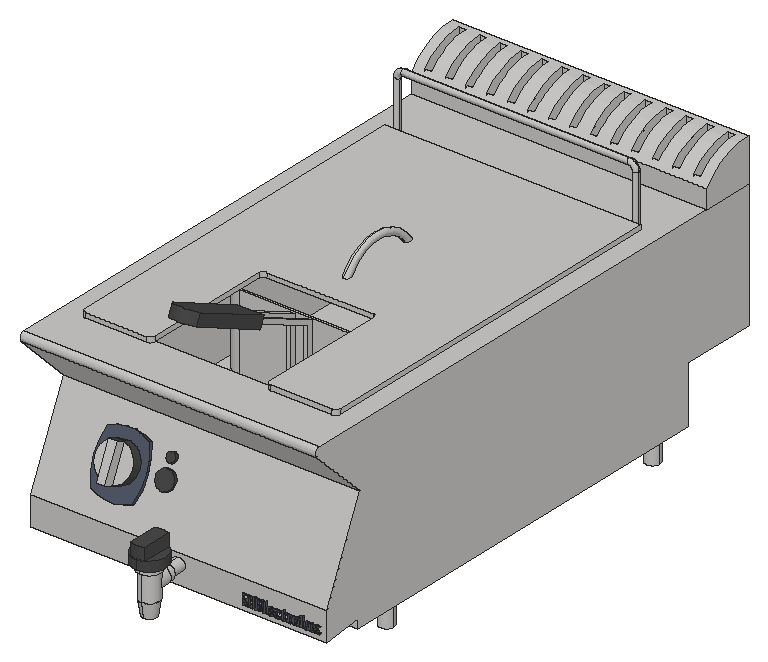
Revit family "QF_ELECTROLUXPROFESSIONAL_371066_E7FRGD1B00", category Specialty Equipment, Revit 2018 (continued)
Automatic sketch dimensions
  Extrusion 36 sketch curve to Extrusion 36 sketch curve = 1.052 mm
  Extrusion 36 sketch curve to Extrusion 36 sketch curve = 1.863 mm
  Extrusion 36 sketch curve to Extrusion 36 sketch curve = 1.31 mm  (x2)
  Extrusion 36 sketch curve to Extrusion 36 sketch curve = 0.901 mm
  Extrusion 36 sketch curve to Extrusion 36 sketch curve = 1.107 mm
  Extrusion 36 sketch curve to Extrusion 36 sketch curve = 2.122 mm
  Extrusion 36 sketch curve to Extrusion 36 sketch curve = 2.101 mm
  Extrusion 36 sketch curve to Extrusion 36 sketch curve = 0.106 mm
  Extrusion 36 sketch curve to Extrusion 36 sketch curve = 0.029 mm
  Extrusion 36 sketch curve to Extrusion 36 sketch curve = 2.09 mm
  Extrusion 36 sketch curve to Extrusion 36 sketch curve = 1.279 mm
  Extrusion 36 sketch curve to Extrusion 36 sketch curve = 2.008 mm
  Extrusion 36 sketch curve to Extrusion 36 sketch curve = 0.738 mm
  Extrusion 36 sketch curve to Extrusion 36 sketch curve = 0.382 mm
  Extrusion 36 sketch curve to Extrusion 36 sketch curve = 0.384 mm
  Extrusion 36 sketch curve to Extrusion 36 sketch curve = 0.002 mm
  Extrusion 36 sketch curve to Extrusion 36 sketch curve = 0.561 mm
  Extrusion 36 sketch curve to Extrusion 36 sketch curve = 0.592 mm
  Extrusion 36 sketch curve to Extrusion 36 sketch curve = 2.692 mm
  Extrusion 36 sketch curve to Extrusion 36 sketch curve = 1.259 mm
  Extrusion 36 sketch curve to Extrusion 36 sketch curve = 0.802 mm
  Extrusion 36 sketch curve to Extrusion 36 sketch curve = 1.024 mm  (x2)
  Extrusion 36 sketch curve to Extrusion 36 sketch curve = 0.682 mm
  Extrusion 36 sketch curve to Extrusion 36 sketch curve = 5.934 mm
  Extrusion 36 sketch curve to Extrusion 36 sketch curve = 2.186 mm
  Extrusion 36 sketch curve to Extrusion 36 sketch curve = 0.337 mm
  Extrusion 36 sketch curve to Extrusion 36 sketch curve = 0.021 mm
  Extrusion 36 sketch curve to Extrusion 36 sketch curve = 1.005 mm
  Extrusion 36 sketch curve to Extrusion 36 sketch curve = 0.552 mm
  Extrusion 36 sketch curve to Extrusion 36 sketch curve = 0.778 mm
  Extrusion 36 sketch curve to Extrusion 36 sketch curve = 0.063 mm
  Extrusion 36 sketch curve to Extrusion 36 sketch curve = 1.023 mm
  Extrusion 36 sketch curve to Extrusion 36 sketch curve = 3.804 mm
  Extrusion 36 sketch curve to Extrusion 36 sketch curve = 0.486 mm
  Extrusion 36 sketch curve to Extrusion 36 sketch curve = 0.266 mm
  Extrusion 36 sketch curve to Extrusion 36 sketch curve = 1.547 mm
  Extrusion 36 sketch curve to Extrusion 36 sketch curve = 0.717 mm  (x2)
  Extrusion 36 sketch curve to Extrusion 36 sketch curve = 1.667 mm
  Extrusion 36 sketch curve to Extrusion 36 sketch curve = 3.174 mm
  Extrusion 36 sketch curve to Extrusion 36 sketch curve = 0.388 mm
  Extrusion 36 sketch curve to Extrusion 36 sketch curve = 1.342 mm
  Extrusion 36 sketch curve to plane 4 "RIGHT" = 10.974 mm
  Extrusion 36 sketch curve to Extrusion 36 sketch curve = 1.521 mm
  Extrusion 36 sketch curve to plane 4 "RIGHT" = 9.415 mm
  Extrusion 36 sketch curve to Extrusion 36 sketch curve = 0.124 mm
  Extrusion 36 sketch curve to Extrusion 36 sketch curve = 0.291 mm
  Extrusion 36 sketch curve to Extrusion 36 sketch curve = 1.049 mm  (x2)
  Extrusion 36 sketch curve to Extrusion 36 sketch curve = 1.7 mm
  Extrusion 36 sketch curve to Extrusion 36 sketch curve = 0.894 mm
  Extrusion 36 sketch curve to Extrusion 36 sketch curve = 0.989 mm
  Extrusion 36 sketch curve to Extrusion 36 sketch curve = 1.168 mm
  Extrusion 36 sketch curve to Extrusion 36 sketch curve = 1.594 mm
  Extrusion 36 sketch curve to Extrusion 36 sketch curve = 0.731 mm
  Extrusion 36 sketch curve to Extrusion 36 sketch curve = 1.566 mm
  Extrusion 36 sketch curve to Extrusion 36 sketch curve = 0.064 mm
  Extrusion 36 sketch curve to Extrusion 36 sketch curve = 0.556 mm  (x2)
  Extrusion 36 sketch curve to Extrusion 36 sketch curve = 0.48 mm
  Extrusion 36 sketch curve to Extrusion 36 sketch curve = 1.018 mm
  Extrusion 36 sketch curve to Extrusion 36 sketch curve = 0.787 mm
  Extrusion 36 sketch curve to Extrusion 36 sketch curve = 0.618 mm
  Extrusion 36 sketch curve to Extrusion 36 sketch curve = 1.672 mm
  Extrusion 36 sketch curve to plane 4 "RIGHT" = 7.673 mm
  Extrusion 36 sketch curve to Extrusion 36 sketch curve = 1.361 mm
  Extrusion 36 sketch curve to Extrusion 36 sketch curve = 0.822 mm
  Extrusion 36 sketch curve to Extrusion 36 sketch curve = 0.069 mm
  Extrusion 36 sketch curve to Extrusion 36 sketch curve = 1.88 mm
  Extrusion 36 sketch curve to Extrusion 36 sketch curve = 0.42 mm
  Extrusion 36 sketch curve to Extrusion 36 sketch curve = 0.062 mm
  Extrusion 36 sketch curve to Extrusion 36 sketch curve = 1.355 mm
  Extrusion 36 sketch curve to Extrusion 36 sketch curve = 2.34 mm
  Extrusion 36 sketch curve to Extrusion 36 sketch curve = 0.493 mm
  Extrusion 36 sketch curve to Extrusion 36 sketch curve = 0.136 mm
  Extrusion 36 sketch curve to Extrusion 36 sketch curve = 0.128 mm
  Extrusion 36 sketch curve to Extrusion 36 sketch curve = 3.616 mm
  Extrusion 36 sketch curve to Extrusion 36 sketch curve = 4.207 mm
  Extrusion 36 sketch curve to Extrusion 36 sketch curve = 0.183 mm
  Extrusion 36 sketch curve to Extrusion 36 sketch curve = 0.895 mm
  Extrusion 36 sketch curve to Extrusion 36 sketch curve = 1.314 mm
  Extrusion 36 sketch curve to Extrusion 36 sketch curve = 3.231 mm
  Extrusion 36 sketch curve to Extrusion 36 sketch curve = 1.299 mm
  Extrusion 36 sketch curve to Extrusion 36 sketch curve = 1.214 mm
  Extrusion 36 sketch curve to Extrusion 36 sketch curve = 1.264 mm
  Extrusion 36 sketch curve to Extrusion 36 sketch curve = 0.109 mm
  Extrusion 36 sketch curve to Extrusion 36 sketch curve = 0.357 mm
  Extrusion 36 sketch curve to Extrusion 36 sketch curve = 0.565 mm
  Extrusion 36 sketch curve to Extrusion 36 sketch curve = 2.504 mm
  Extrusion 36 sketch curve to Extrusion 36 sketch curve = 2.459 mm
  Extrusion 36 sketch curve to Extrusion 36 sketch curve = 0.983 mm
  Extrusion 36 sketch curve to Extrusion 36 sketch curve = 0.422 mm  (x2)
  Extrusion 36 sketch curve to Extrusion 36 sketch curve = 0.494 mm
  Extrusion 36 sketch curve to Extrusion 36 sketch curve = 3.927 mm
  Extrusion 36 sketch curve to Extrusion 36 sketch curve = 0.782 mm
  Extrusion 36 sketch curve to Extrusion 36 sketch curve = 1.268 mm
  Extrusion 36 sketch curve to Extrusion 36 sketch curve = 0.671 mm
  Extrusion 36 sketch curve to Extrusion 36 sketch curve = 0.777 mm
  Extrusion 36 sketch curve to Extrusion 36 sketch curve = 0.704 mm
  Extrusion 36 sketch curve to Extrusion 36 sketch curve = 0.781 mm  (x2)
  Extrusion 36 sketch curve to Extrusion 36 sketch curve = 1.634 mm
  Extrusion 36 sketch curve to Extrusion 36 sketch curve = 0.132 mm
  Extrusion 36 sketch curve to Extrusion 36 sketch curve = 3.136 mm
  Extrusion 36 sketch curve to Extrusion 36 sketch curve = 2.422 mm
  Extrusion 36 sketch curve to Extrusion 36 sketch curve = 0.586 mm
  Extrusion 36 sketch curve to Extrusion 36 sketch curve = 2.046 mm  (x2)
  Extrusion 36 sketch curve to Extrusion 36 sketch curve = 1.241 mm
  Extrusion 36 sketch curve to Extrusion 36 sketch curve = 1.689 mm
  Extrusion 36 sketch curve to Extrusion 36 sketch curve = 2.859 mm
  Extrusion 36 sketch curve to Extrusion 36 sketch curve = 0.627 mm
  Extrusion 36 sketch curve to Extrusion 36 sketch curve = 0.863 mm
  Extrusion 36 sketch curve to Extrusion 36 sketch curve = 0.419 mm
  Extrusion 36 sketch curve to Extrusion 36 sketch curve = 1.514 mm
  Extrusion 36 sketch curve to Extrusion 36 sketch curve = 1.019 mm
  Extrusion 36 sketch curve to Extrusion 36 sketch curve = 0.065 mm
  Extrusion 36 sketch curve to Extrusion 36 sketch curve = 1.215 mm
  Extrusion 36 sketch curve to Extrusion 36 sketch curve = 2.708 mm
  Extrusion 36 sketch curve to Extrusion 36 sketch curve = 1.122 mm
  Extrusion 36 sketch curve to Extrusion 36 sketch curve = 1.153 mm
  Extrusion 36 sketch curve to Extrusion 36 sketch curve = 3.009 mm
  Extrusion 36 sketch curve to Extrusion 36 sketch curve = 0.829 mm  (x2)
  Extrusion 36 sketch curve to Extrusion 36 sketch curve = 0.934 mm
  Extrusion 36 sketch curve to Extrusion 36 sketch curve = 3.376 mm
  Extrusion 36 sketch curve to Extrusion 36 sketch curve = 0.222 mm
  Extrusion 36 sketch curve to Extrusion 36 sketch curve = 1.383 mm
  Extrusion 36 sketch curve to Extrusion 36 sketch curve = 1.556 mm
  Extrusion 36 sketch curve to Extrusion 36 sketch curve = 2.559 mm
  Extrusion 36 sketch curve to Extrusion 36 sketch curve = 2.51 mm
  Extrusion 36 sketch curve to Extrusion 36 sketch curve = 0.131 mm
  Extrusion 36 sketch curve to Extrusion 36 sketch curve = 1.717 mm
  Extrusion 36 sketch curve to Extrusion 36 sketch curve = 1.134 mm
  Extrusion 36 sketch curve to Extrusion 36 sketch curve = 0.366 mm
  Extrusion 36 sketch curve to Extrusion 36 sketch curve = 0.094 mm
  Extrusion 36 sketch curve to Extrusion 36 sketch curve = 1.584 mm
  Extrusion 36 sketch curve to Extrusion 36 sketch curve = 1.501 mm
  Extrusion 36 sketch curve to Extrusion 36 sketch curve = 0.27 mm
  Extrusion 36 sketch curve to Extrusion 36 sketch curve = 1.808 mm
  Extrusion 36 sketch curve to Extrusion 36 sketch curve = 0.643 mm
  Extrusion 36 sketch curve to Extrusion 36 sketch curve = 0.916 mm
  Extrusion 36 sketch curve to Extrusion 36 sketch curve = 0.352 mm
  Extrusion 36 sketch curve to Extrusion 36 sketch curve = 0.458 mm
  Extrusion 36 sketch curve to Extrusion 36 sketch curve = 1.282 mm
  Extrusion 36 sketch curve to Extrusion 36 sketch curve = 1.363 mm
  Extrusion 36 sketch curve to Extrusion 36 sketch curve = 0.685 mm
  Extrusion 36 sketch curve to Extrusion 36 sketch curve = 0.905 mm
  Extrusion 36 sketch curve to Extrusion 36 sketch curve = 2.865 mm
  Extrusion 36 sketch curve to Extrusion 36 sketch curve = 0.472 mm
  Extrusion 36 sketch curve to Extrusion 36 sketch curve = 0.101 mm
  Extrusion 36 sketch curve to Extrusion 36 sketch curve = 0.54 mm
  Extrusion 36 sketch curve to Extrusion 36 sketch curve = 0.02 mm
  Extrusion 36 sketch curve to Extrusion 36 sketch curve = 0.468 mm
  Extrusion 36 sketch curve to Extrusion 36 sketch curve = 0.582 mm
  Extrusion 36 sketch curve to Extrusion 36 sketch curve = 0.166 mm
  Extrusion 36 sketch curve to Extrusion 36 sketch curve = 0.16 mm
  Extrusion 36 sketch curve to Extrusion 36 sketch curve = 2.781 mm
  Extrusion 36 sketch curve to Extrusion 36 sketch curve = 1.118 mm
  Extrusion 36 sketch curve to Extrusion 36 sketch curve = 0.613 mm
  Extrusion 36 sketch curve to Extrusion 36 sketch curve = 0.361 mm
  Extrusion 36 sketch curve to Extrusion 36 sketch curve = 0.897 mm
  Extrusion 36 sketch curve to Extrusion 36 sketch curve = 0.167 mm
  Extrusion 36 sketch curve to Extrusion 36 sketch curve = 0.292 mm
  Extrusion 36 sketch curve to Extrusion 36 sketch curve = 0.305 mm
  Extrusion 36 sketch curve to Extrusion 36 sketch curve = 1.557 mm
  Extrusion 36 sketch curve to Extrusion 36 sketch curve = 2.499 mm
  Extrusion 36 sketch curve to Extrusion 36 sketch curve = 3.062 mm
  Extrusion 36 sketch curve to Extrusion 36 sketch curve = 2.968 mm
  Extrusion 36 sketch curve to Extrusion 36 sketch curve = 5.044 mm
  Extrusion 36 sketch curve to Extrusion 36 sketch curve = 0.629 mm  (x2)
  Extrusion 36 sketch curve to Extrusion 36 sketch curve = 1.131 mm
  Extrusion 36 sketch curve to Extrusion 36 sketch curve = 0.137 mm
  Extrusion 36 sketch curve to Extrusion 36 sketch curve = 0.027 mm
  Extrusion 36 sketch curve to Extrusion 36 sketch curve = 2.235 mm
  radius of Sweep 5 sketch curve = 4.353 mm
  radius of Sweep 6 sketch curve = 3.827 mm
  radius of Extrusion 21 sketch curve = 9.525 mm  (x4)
  radius of Extrusion 23 sketch curve = 25.4 mm
  radius of Extrusion 24 sketch curve to Extrusion 23 = 0 mm  (x2)
  radius of Extrusion 25 sketch curve = 6.35 mm
  radius of Extrusion 26 sketch curve = 12.7 mm
  radius of Extrusion 29 sketch curve to Revolve 27 = 0 mm  (x2)
  radius of Extrusion 30 sketch curve = 6.35 mm
Connectors
  piping at (336.5, -88.9, 59.306), diameter 12.7
    settings: on Extrusion 30, index 1, connector inside diameter 1/2", connector length 0 mm, flow factor 0, pipe flow 0 GPM, pressure drop 0.00 psi, fitting loss kfactor 0, connector angle 0.00°, fixture units 0, engagement length 0 mm, angle of deflection 0.00°, flow configuration 1, flow direction 1, fitting loss method 0, system type 7, joint type 0, gender type 0, connector reference index -1, connector utility 0, adjustable connector no, is connector primary yes, connector description "Gas Inlet"
